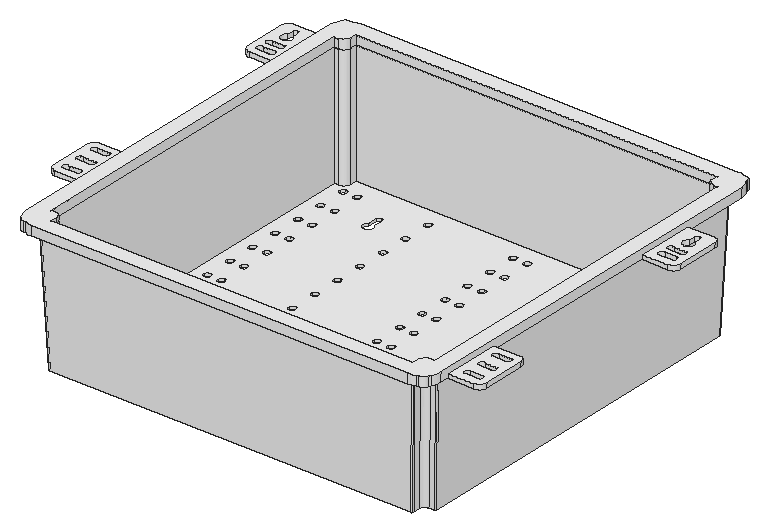
Revit family "Leviton_49605-14E-14-inch_Enclosure", category Generic Models, Revit 2026
Family settings
  Can host rebar = No
  Round Connector Dimension = Use Diameter
  Part Type = Normal
  Work Plane-Based = No
  Always vertical = Yes
  Cut with Voids When Loaded = No
  Maintain Annotation Orientation = No
  Shared = No
  Room Calculation Point = No
Parameters
  Width = 14.64063"
  Manufacturer = "https://www.arcat.com/arcatcos/cos41/arc41690.html"  # constant formula
  Height = 14.53"
  Default Elevation = 0.00"
Reference planes (in)
  plane 1 "Center (Front/Back)": y = 0
  plane 2: z = 0
  plane 3 "Center (Left/Right)": x = 0
  plane 4: x = -7.32031
  plane 5: x = 7.32031
  plane 6: y = 7.265
  plane 7: y = -7.265
  plane 8: z = 0.32
  plane 9: z = -0.32
  plane 10: z = -4.30445
  plane 11: z = 0.15
Forms (in)
  Extrusion 1, solid, material "ARCAT-White Plastic"
    sketch origin (0, 0, 0) x (1, 0, 0) y (0, 1, 0)
      loop
        line (-4.39063, 5.06479) -> (-4.39063, 5.36548)
        arc (-4.39063, 5.36548) -> (-4.49993, 5.475) -> (-4.60938, 5.36563) r 0.10938
        line (-4.60938, 5.36563) -> (-4.60938, 5.06479)
        arc (-4.60938, 5.06479) -> (-4.5, 4.725) -> (-4.39063, 5.06479) r 0.1875
      loop
        line (4.39063, 5.36557) -> (4.39063, 5.06479)
        arc (4.39063, 5.06479) -> (4.5, 4.725) -> (4.60938, 5.06479) r 0.1875
        line (4.60938, 5.06479) -> (4.60938, 5.36557)
        arc (4.60938, 5.36557) -> (4.5, 5.47494) -> (4.39063, 5.36557) r 0.10937
      loop
        line (4.39063, -4.83581) -> (4.39063, -5.13658)
        arc (4.39063, -5.13658) -> (4.5, -5.47637) -> (4.60938, -5.13658) r 0.1875
        line (4.60938, -5.13658) -> (4.60938, -4.83581)
        arc (4.60938, -4.83581) -> (4.5, -4.72643) -> (4.39063, -4.83581) r 0.10937
      loop
        arc (-4.60938, -5.13658) -> (-4.5, -5.47637) -> (-4.39063, -5.13658) r 0.1875
        line (-4.39063, -5.13658) -> (-4.39063, -4.83581)
        arc (-4.39063, -4.83581) -> (-4.5, -4.72643) -> (-4.60938, -4.83581) r 0.10937
        line (-4.60938, -4.83581) -> (-4.60938, -5.13658)
      loop
        circle (-5.75, 6) r 0.12468
      loop
        circle (-6.25, 6) r 0.12468
      loop
        circle (-6.25, 5) r 0.1225
      loop
        circle (-5.75, 5) r 0.1225
      loop
        circle (-5.75, 4) r 0.1225
      loop
        circle (-6.25, 4) r 0.1225
      loop
        circle (-5.75, 3) r 0.12468
      loop
        circle (-6.25, 3) r 0.12468
      loop
        circle (-5.75, 2) r 0.12468
      loop
        circle (-5.75, 1) r 0.12468
      loop
        circle (-5.75, 0) r 0.1225
      loop
        circle (-5.75, -1) r 0.12468
      loop
        circle (-6.25, -1) r 0.12468
      loop
        circle (-6.25, 0) r 0.1225
      loop
        circle (-6.25, 1) r 0.12468
      loop
        circle (-6.25, 2) r 0.12468
      loop
        circle (-5.75, -2) r 0.12468
      loop
        circle (-6.25, -2) r 0.12468
      loop
        circle (-5.75, -3) r 0.12468
      loop
        circle (-6.25, -3) r 0.12468
      loop
        circle (-5.75, -4) r 0.1225
      loop
        circle (-6.25, -4) r 0.1225
      loop
        circle (-5.75, -5) r 0.1225
      loop
        circle (-6.25, -5) r 0.1225
      loop
        circle (-5.75, -6) r 0.12468
      loop
        circle (-6.25, -6) r 0.12468
      loop
        circle (-3.25, -6) r 0.12468
      loop
        circle (-3.25, -5) r 0.12468
      loop
        circle (-3.25, -4) r 0.12468
      loop
        circle (-3.25, -3) r 0.12468
      loop
        circle (-3.25, -2) r 0.12468
      loop
        circle (-3.25, -1) r 0.12468
      loop
        circle (-0.25, -1) r 0.12468
      loop
        circle (0.25, -2) r 0.12468
      loop
        circle (0.25, -1) r 0.12468
      loop
        circle (-0.25, -2) r 0.12468
      loop
        circle (-0.25, -3) r 0.12468
      loop
        circle (-0.25, -4) r 0.12468
      loop
        circle (-0.25, -5) r 0.12468
      loop
        circle (-0.25, -6) r 0.12468
      loop
        circle (0.25, -3) r 0.12468
      loop
        circle (0.25, -4) r 0.12468
      loop
        circle (0.25, -5) r 0.12468
      loop
        circle (0.25, -6) r 0.12468
      loop
        circle (0.25, 6) r 0.12468
      loop
        circle (0.25, 5) r 0.12468
      loop
        circle (0.25, 4) r 0.12468
      loop
        circle (0.25, 3) r 0.12468
      loop
        circle (0.25, 2) r 0.12468
      loop
        circle (0.25, 1) r 0.12468
      loop
        circle (0.25, 0) r 0.12468
      loop
        circle (-0.25, 0) r 0.12468
      loop
        circle (-0.25, 1) r 0.12468
      loop
        circle (-0.25, 2) r 0.12468
      loop
        circle (-0.25, 3) r 0.12468
      loop
        circle (-0.25, 4) r 0.12468
      loop
        circle (-0.25, 5) r 0.12468
      loop
        circle (-3.25, 6) r 0.12468
      loop
        circle (-3.25, 5) r 0.12468
      loop
        circle (-3.25, 4) r 0.12468
      loop
        circle (-3.25, 3) r 0.12468
      loop
        circle (-3.25, 2) r 0.12468
      loop
        circle (-3.25, 1) r 0.12468
      loop
        circle (-3.25, 0) r 0.12468
      loop
        circle (-0.25, 6) r 0.12468
      loop
        circle (3.25, 6) r 0.12468
      loop
        circle (3.25, 5) r 0.12468
      loop
        circle (3.25, 4) r 0.12468
      loop
        circle (3.25, 3) r 0.12468
      loop
        circle (3.25, 2) r 0.12468
      loop
        circle (3.25, 1) r 0.12468
      loop
        circle (3.25, 0) r 0.12468
      loop
        circle (3.25, -1) r 0.12468
      loop
        circle (3.25, -2) r 0.12468
      loop
        circle (3.25, -3) r 0.12468
      loop
        circle (3.25, -4) r 0.12468
      loop
        circle (3.25, -5) r 0.12468
      loop
        circle (3.25, -6) r 0.12468
      loop
        circle (5.75, -6) r 0.12468
      loop
        circle (5.75, -5) r 0.1225
      loop
        circle (5.75, -4) r 0.1225
      loop
        circle (5.75, -3) r 0.12468
      loop
        circle (5.75, -1) r 0.12468
      loop
        circle (5.75, -2) r 0.12468
      loop
        circle (5.75, 0) r 0.1225
      loop
        circle (6.25, 0) r 0.1225
      loop
        circle (5.75, 1) r 0.12468
      loop
        circle (5.75, 2) r 0.12468
      loop
        circle (5.75, 3) r 0.12468
      loop
        circle (5.75, 4) r 0.1225
      loop
        circle (5.75, 5) r 0.1225
      loop
        circle (5.75, 6) r 0.12468
      loop
        circle (6.25, 6) r 0.12468
      loop
        circle (6.25, 5) r 0.1225
      loop
        circle (6.25, 4) r 0.1225
      loop
        circle (6.25, 3) r 0.12468
      loop
        circle (6.25, 2) r 0.12468
      loop
        circle (6.25, 1) r 0.12468
      loop
        circle (6.25, -1) r 0.12468
      loop
        circle (6.25, -2) r 0.12468
      loop
        circle (6.25, -4) r 0.1225
      loop
        circle (6.25, -3) r 0.12468
      loop
        circle (6.25, -5) r 0.1225
      loop
        circle (6.25, -6) r 0.12468
      loop
        line (-6.38999, 6.72678) -> (-6.38999, 6.49966)
        spline (-6.38999, 6.49966) -> (-6.39204, 6.46836) -> (-6.39815, 6.43759) -> (-6.40822, 6.4079) -> (-6.42208, 6.37978) -> (-6.43949, 6.35372) -> (-6.46015, 6.33015) -> (-6.48372, 6.30949) -> (-6.50978, 6.29208) -> (-6.5379, 6.27822) -> (-6.56759, 6.26815) -> (-6.59836, 6.26204) -> (-6.62966, 6.25999)
        line (-6.62966, 6.25999) -> (-6.77678, 6.25999) -> (-6.77678, -6.26) -> (-6.62957, -6.26)
        spline (-6.62957, -6.26) -> (-6.59827, -6.26205) -> (-6.56751, -6.26817) -> (-6.53782, -6.27824) -> (-6.50971, -6.2921) -> (-6.48365, -6.3095) -> (-6.4601, -6.33016) -> (-6.43944, -6.35372) -> (-6.42204, -6.37978) -> (-6.40819, -6.4079) -> (-6.39813, -6.43759) -> (-6.39202, -6.46835) -> (-6.38997, -6.49966)
        line (-6.38997, -6.49966) -> (-6.38997, -6.72678) -> (6.38999, -6.72678) -> (6.38999, -6.49966)
        spline (6.38999, -6.49966) -> (6.39204, -6.46836) -> (6.39815, -6.43759) -> (6.40822, -6.4079) -> (6.42208, -6.37978) -> (6.43949, -6.35372) -> (6.46015, -6.33015) -> (6.48372, -6.30949) -> (6.50978, -6.29208) -> (6.5379, -6.27822) -> (6.56759, -6.26815) -> (6.59836, -6.26204) -> (6.62966, -6.25999)
        line (6.62966, -6.25999) -> (6.77678, -6.25999) -> (6.77678, 6.26) -> (6.62957, 6.26)
        spline (6.62957, 6.26) -> (6.59827, 6.26205) -> (6.56751, 6.26817) -> (6.53782, 6.27824) -> (6.50971, 6.2921) -> (6.48365, 6.3095) -> (6.4601, 6.33016) -> (6.43944, 6.35372) -> (6.42204, 6.37978) -> (6.40819, 6.4079) -> (6.39813, 6.43759) -> (6.39202, 6.46835) -> (6.38997, 6.49966)
        line (6.38997, 6.49966) -> (6.38997, 6.72678) -> (-6.38999, 6.72678)
    from -4.37445 to -4.30445
  Blend 2, solid, material "ARCAT-White Plastic"
    base sketch origin (0, 0, 0) x (1, 0, 0) y (0, 1, 0)
      loop
        line (6.56488, 6.97483) -> (-6.56488, 6.97483)
        spline (-6.56488, 6.97483) -> (-6.5701, 6.97449) -> (-6.57523, 6.97347) -> (-6.58018, 6.97179) -> (-6.58486, 6.96948) -> (-6.58921, 6.96658) -> (-6.59314, 6.96314) -> (-6.59658, 6.95921) -> (-6.59948, 6.95486) -> (-6.60179, 6.95018) -> (-6.60347, 6.94523) -> (-6.60449, 6.9401) -> (-6.60483, 6.93488)
        line (-6.60483, 6.93488) -> (-6.60483, 6.67483)
        arc (-6.60483, 6.67483) -> (-6.66341, 6.53341) -> (-6.80483, 6.47483) r 0.2
        line (-6.80483, 6.47483) -> (-6.98483, 6.47483)
        arc (-6.98483, 6.47483) -> (-7.01311, 6.46311) -> (-7.02483, 6.43483) r 0.04
        line (-7.02483, 6.43483) -> (-7.02483, -6.43483)
        arc (-7.02483, -6.43483) -> (-7.01311, -6.46311) -> (-6.98483, -6.47483) r 0.04
        line (-6.98483, -6.47483) -> (-6.80483, -6.47483)
        arc (-6.80483, -6.47483) -> (-6.66341, -6.53341) -> (-6.60483, -6.67483) r 0.2
        line (-6.60483, -6.67483) -> (-6.60483, -6.93488)
        spline (-6.60483, -6.93488) -> (-6.60449, -6.9401) -> (-6.60347, -6.94523) -> (-6.60179, -6.95018) -> (-6.59948, -6.95486) -> (-6.59658, -6.95921) -> (-6.59314, -6.96314) -> (-6.58921, -6.96658) -> (-6.58486, -6.96948) -> (-6.58018, -6.97179) -> (-6.57523, -6.97347) -> (-6.5701, -6.97449) -> (-6.56488, -6.97483)
        line (-6.56488, -6.97483) -> (6.56488, -6.97483)
        spline (6.56488, -6.97483) -> (6.5701, -6.97449) -> (6.57523, -6.97347) -> (6.58018, -6.97179) -> (6.58486, -6.96948) -> (6.58921, -6.96658) -> (6.59314, -6.96314) -> (6.59658, -6.95921) -> (6.59948, -6.95486) -> (6.60179, -6.95018) -> (6.60347, -6.94523) -> (6.60449, -6.9401) -> (6.60483, -6.93488)
        line (6.60483, -6.93488) -> (6.60483, -6.67483)
        arc (6.60483, -6.67483) -> (6.66341, -6.53341) -> (6.80483, -6.47483) r 0.2
        line (6.80483, -6.47483) -> (6.98483, -6.47483)
        arc (6.98483, -6.47483) -> (7.01311, -6.46311) -> (7.02483, -6.43483) r 0.04
        line (7.02483, -6.43483) -> (7.02483, 6.43483)
        arc (7.02483, 6.43483) -> (7.01311, 6.46311) -> (6.98483, 6.47483) r 0.04
        line (6.98483, 6.47483) -> (6.80483, 6.47483)
        arc (6.80483, 6.47483) -> (6.66341, 6.53341) -> (6.60483, 6.67483) r 0.2
        line (6.60483, 6.67483) -> (6.60483, 6.93488)
        spline (6.60483, 6.93488) -> (6.60449, 6.9401) -> (6.60347, 6.94523) -> (6.60179, 6.95018) -> (6.59948, 6.95486) -> (6.59658, 6.95921) -> (6.59314, 6.96314) -> (6.58921, 6.96658) -> (6.58486, 6.96948) -> (6.58018, 6.97179) -> (6.57523, 6.97347) -> (6.5701, 6.97449) -> (6.56488, 6.97483)
    top sketch origin (0, 0, 0) x (1, 0, 0) y (0, 1, 0)
      loop
        spline (-6.42994, 6.49989) -> (-6.43161, 6.47377) -> (-6.43667, 6.4481) -> (-6.44503, 6.42332) -> (-6.45656, 6.39985) -> (-6.47106, 6.3781) -> (-6.48828, 6.35844) -> (-6.50792, 6.3412) -> (-6.52965, 6.32668) -> (-6.55311, 6.31512) -> (-6.57788, 6.30672) -> (-6.60354, 6.30164) -> (-6.62966, 6.29994)
        line (-6.62966, 6.29994) -> (-6.77678, 6.29994)
        spline (-6.77678, 6.29994) -> (-6.7812, 6.29995) -> (-6.78556, 6.3) -> (-6.78977, 6.30007) -> (-6.79378, 6.30017) -> (-6.79751, 6.3003) -> (-6.80091, 6.30044) -> (-6.80392, 6.30061) -> (-6.8065, 6.3008) -> (-6.8086, 6.30101) -> (-6.81018, 6.30123) -> (-6.81124, 6.30145) -> (-6.81174, 6.30168)
        arc (-6.81174, 6.30168) -> (-6.83995, 6.28994) -> (-6.85169, 6.26173) r 0.04008
        line (-6.85169, 6.26173) -> (-6.85169, -6.26156)
        arc (-6.85169, -6.26156) -> (-6.83999, -6.28986) -> (-6.81172, -6.30165) r 0.0401
        spline (-6.81172, -6.30165) -> (-6.81121, -6.30142) -> (-6.81015, -6.3012) -> (-6.80856, -6.30099) -> (-6.80645, -6.30078) -> (-6.80387, -6.3006) -> (-6.80086, -6.30043) -> (-6.79747, -6.30028) -> (-6.79374, -6.30015) -> (-6.78974, -6.30006) -> (-6.78554, -6.29998) -> (-6.78119, -6.29994) -> (-6.77678, -6.29993)
        line (-6.77678, -6.29993) -> (-6.62966, -6.29994)
        spline (-6.62966, -6.29994) -> (-6.60354, -6.30163) -> (-6.57787, -6.30672) -> (-6.5531, -6.31512) -> (-6.52965, -6.32668) -> (-6.50792, -6.3412) -> (-6.48828, -6.35844) -> (-6.47106, -6.3781) -> (-6.45656, -6.39985) -> (-6.44503, -6.42332) -> (-6.43666, -6.4481) -> (-6.4316, -6.47377) -> (-6.42994, -6.49989)
        line (-6.42994, -6.49989) -> (-6.42994, -6.7262)
        spline (-6.42994, -6.7262) -> (-6.42995, -6.73067) -> (-6.42999, -6.73507) -> (-6.43006, -6.73934) -> (-6.43016, -6.7434) -> (-6.43028, -6.7472) -> (-6.43043, -6.75065) -> (-6.4306, -6.75372) -> (-6.43079, -6.75635) -> (-6.43099, -6.7585) -> (-6.43121, -6.76012) -> (-6.43144, -6.7612) -> (-6.43167, -6.76172)
        arc (-6.43167, -6.76172) -> (-6.41994, -6.78992) -> (-6.39173, -6.80165) r 0.04006
        line (-6.39173, -6.80165) -> (6.39173, -6.80165)
        arc (6.39173, -6.80165) -> (6.41998, -6.78987) -> (6.43169, -6.76159) r 0.0401
        spline (6.43169, -6.76159) -> (6.43146, -6.76108) -> (6.43123, -6.76002) -> (6.43102, -6.75842) -> (6.43081, -6.75631) -> (6.43062, -6.75373) -> (6.43045, -6.75071) -> (6.4303, -6.7473) -> (6.43018, -6.74356) -> (6.43008, -6.73955) -> (6.43, -6.73533) -> (6.42996, -6.73097) -> (6.42995, -6.72654)
        line (6.42995, -6.72654) -> (6.42995, -6.5012)
        spline (6.42995, -6.5012) -> (6.43146, -6.47495) -> (6.43639, -6.44914) -> (6.44466, -6.42422) -> (6.45613, -6.4006) -> (6.4706, -6.3787) -> (6.48782, -6.3589) -> (6.50749, -6.34153) -> (6.52928, -6.32689) -> (6.55281, -6.31524) -> (6.57767, -6.30678) -> (6.60343, -6.30165) -> (6.62966, -6.29994)
        line (6.62966, -6.29994) -> (6.77678, -6.29994)
        spline (6.77678, -6.29994) -> (6.7812, -6.29995) -> (6.78554, -6.3) -> (6.78975, -6.30007) -> (6.79375, -6.30017) -> (6.79748, -6.30029) -> (6.80087, -6.30044) -> (6.80388, -6.30061) -> (6.80646, -6.3008) -> (6.80856, -6.30101) -> (6.81016, -6.30122) -> (6.81122, -6.30145) -> (6.81173, -6.30168)
        arc (6.81173, -6.30168) -> (6.83994, -6.28994) -> (6.85168, -6.26173) r 0.04007
        line (6.85168, -6.26173) -> (6.85168, 6.26173)
        arc (6.85168, 6.26173) -> (6.83994, 6.28994) -> (6.81173, 6.30168) r 0.04007
        spline (6.81173, 6.30168) -> (6.81122, 6.30145) -> (6.81016, 6.30122) -> (6.80856, 6.30101) -> (6.80646, 6.3008) -> (6.80388, 6.30061) -> (6.80087, 6.30044) -> (6.79748, 6.30029) -> (6.79375, 6.30017) -> (6.78975, 6.30007) -> (6.78554, 6.3) -> (6.7812, 6.29995) -> (6.77678, 6.29994)
        line (6.77678, 6.29994) -> (6.62956, 6.29994)
        spline (6.62956, 6.29994) -> (6.60345, 6.30165) -> (6.5778, 6.30675) -> (6.55305, 6.31514) -> (6.52961, 6.3267) -> (6.50789, 6.34122) -> (6.48826, 6.35845) -> (6.47106, 6.37811) -> (6.45657, 6.39984) -> (6.44504, 6.42329) -> (6.43668, 6.44806) -> (6.43161, 6.47372) -> (6.42994, 6.49983)
        line (6.42994, 6.49983) -> (6.42994, 6.72678)
        spline (6.42994, 6.72678) -> (6.42995, 6.7312) -> (6.43, 6.73554) -> (6.43007, 6.73975) -> (6.43017, 6.74375) -> (6.43029, 6.74748) -> (6.43044, 6.75087) -> (6.43061, 6.75389) -> (6.4308, 6.75646) -> (6.43101, 6.75857) -> (6.43122, 6.76016) -> (6.43145, 6.76122) -> (6.43168, 6.76173)
        arc (6.43168, 6.76173) -> (6.41994, 6.78994) -> (6.39173, 6.80168) r 0.04007
        line (6.39173, 6.80168) -> (-6.39173, 6.80168)
        arc (-6.39173, 6.80168) -> (-6.41994, 6.78994) -> (-6.43168, 6.76173) r 0.04007
        spline (-6.43168, 6.76173) -> (-6.43144, 6.76121) -> (-6.43122, 6.76013) -> (-6.431, 6.75851) -> (-6.43079, 6.75636) -> (-6.4306, 6.75373) -> (-6.43043, 6.75066) -> (-6.43028, 6.7472) -> (-6.43016, 6.74341) -> (-6.43006, 6.73934) -> (-6.42999, 6.73507) -> (-6.42995, 6.73067) -> (-6.42994, 6.7262)
        line (-6.42994, 6.7262) -> (-6.42994, 6.49989)
    from 0 to -4.37445
  Extrusion 3, void
    sketch origin (0, 0, 0) x (1, 0, 0) y (0, 1, 0)
      loop
        line (-6.38999, 6.72678) -> (-6.38999, 6.49966)
        spline (-6.38999, 6.49966) -> (-6.39204, 6.46836) -> (-6.39815, 6.43759) -> (-6.40822, 6.4079) -> (-6.42208, 6.37978) -> (-6.43949, 6.35372) -> (-6.46015, 6.33015) -> (-6.48372, 6.30949) -> (-6.50978, 6.29208) -> (-6.5379, 6.27822) -> (-6.56759, 6.26815) -> (-6.59836, 6.26204) -> (-6.62966, 6.25999)
        line (-6.62966, 6.25999) -> (-6.77678, 6.25999) -> (-6.77678, -6.25999) -> (-6.62953, -6.25999)
        spline (-6.62953, -6.25999) -> (-6.59823, -6.26206) -> (-6.56748, -6.26818) -> (-6.5378, -6.27826) -> (-6.5097, -6.29213) -> (-6.48365, -6.30954) -> (-6.4601, -6.3302) -> (-6.43946, -6.35376) -> (-6.42206, -6.37982) -> (-6.40821, -6.40793) -> (-6.39815, -6.43761) -> (-6.39204, -6.46837) -> (-6.38999, -6.49966)
        line (-6.38999, -6.49966) -> (-6.38999, -6.72678) -> (6.38999, -6.72678) -> (6.38999, -6.49966)
        spline (6.38999, -6.49966) -> (6.39204, -6.46836) -> (6.39815, -6.43759) -> (6.40822, -6.4079) -> (6.42208, -6.37978) -> (6.43949, -6.35372) -> (6.46015, -6.33015) -> (6.48372, -6.30949) -> (6.50978, -6.29208) -> (6.5379, -6.27822) -> (6.56759, -6.26815) -> (6.59836, -6.26204) -> (6.62966, -6.25999)
        line (6.62966, -6.25999) -> (6.77678, -6.25999) -> (6.77678, 6.25999) -> (6.62953, 6.25999)
        spline (6.62953, 6.25999) -> (6.59823, 6.26206) -> (6.56748, 6.26818) -> (6.5378, 6.27826) -> (6.5097, 6.29213) -> (6.48365, 6.30954) -> (6.4601, 6.3302) -> (6.43946, 6.35376) -> (6.42206, 6.37982) -> (6.40821, 6.40793) -> (6.39815, 6.43761) -> (6.39204, 6.46837) -> (6.38999, 6.49966)
        line (6.38999, 6.49966) -> (6.38999, 6.72678) -> (-6.38999, 6.72678)
    from 3.62799 to -5.22109
  Extrusion 4, solid, material "ARCAT-White Plastic"
    sketch origin (0, 0, 0) x (1, 0, 0) y (0, 1, 0)
      loop
        arc (-8.25, 6.35) -> (-8.42678, 6.27678) -> (-8.5, 6.1) r 0.25
        line (-8.5, 6.1) -> (-8.5, 4.6)
        arc (-8.5, 4.6) -> (-8.42668, 4.42322) -> (-8.24991, 4.35) r 0.25
        line (-8.24991, 4.35) -> (-7.32031, 4.35) -> (-7.32031, 6.35) -> (-8.25, 6.35)
      loop
        arc (-7.85, 5.99996) -> (-7.95002, 6.09991) -> (-8.05, 5.99991) r 0.1
        line (-8.05, 5.99991) -> (-8.05, 5.81321)
        arc (-8.05, 5.81321) -> (-7.95, 5.44) -> (-7.85, 5.8132) r 0.2
        line (-7.85, 5.8132) -> (-7.85, 5.99996)
      loop
        arc (-8.16875, 5.2475) -> (-8.27875, 5.1375) -> (-8.16875, 5.0275) r 0.11
        line (-8.16875, 5.0275) -> (-7.73125, 5.0275)
        arc (-7.73125, 5.0275) -> (-7.62125, 5.1375) -> (-7.73125, 5.2475) r 0.11
        line (-7.73125, 5.2475) -> (-8.16875, 5.2475)
      loop
        line (-7.73125, 4.835) -> (-8.16875, 4.835)
        arc (-8.16875, 4.835) -> (-8.27875, 4.725) -> (-8.16875, 4.615) r 0.11
        line (-8.16875, 4.615) -> (-7.73125, 4.615)
        arc (-7.73125, 4.615) -> (-7.62125, 4.725) -> (-7.73125, 4.835) r 0.11
      loop
        line (-8.16875, -3.335) -> (-7.73123, -3.335)
        arc (-7.73123, -3.335) -> (-7.62121, -3.22501) -> (-7.73121, -3.115) r 0.11
        line (-7.73121, -3.115) -> (-8.16885, -3.115)
        arc (-8.16885, -3.115) -> (-8.27875, -3.22505) -> (-8.16875, -3.335) r 0.11
      loop
        line (-8.16872, -2.71) -> (-7.73117, -2.71)
        arc (-7.73117, -2.71) -> (-7.62125, -2.59996) -> (-7.73125, -2.49) r 0.11
        line (-7.73125, -2.49) -> (-8.16874, -2.49)
        arc (-8.16874, -2.49) -> (-8.27872, -2.60001) -> (-8.16872, -2.71) r 0.11
      loop
        line (-7.73125, -3.74) -> (-8.16875, -3.74)
        arc (-8.16875, -3.74) -> (-8.27875, -3.85) -> (-8.16875, -3.96) r 0.11
        line (-8.16875, -3.96) -> (-7.73125, -3.96)
        arc (-7.73125, -3.96) -> (-7.62125, -3.85) -> (-7.73125, -3.74) r 0.11
      loop
        line (-7.32031, -4.22499) -> (-7.32031, -2.22499) -> (-8.24996, -2.22499)
        arc (-8.24996, -2.22499) -> (-8.42675, -2.29821) -> (-8.49998, -2.475) r 0.25002
        line (-8.49998, -2.475) -> (-8.49998, -3.975)
        arc (-8.49998, -3.975) -> (-8.42667, -4.15187) -> (-8.24973, -4.22499) r 0.24999
        line (-8.24973, -4.22499) -> (-7.32031, -4.22499)
      loop
        line (7.32031, -6.35001) -> (8.25001, -6.35001)
        arc (8.25001, -6.35001) -> (8.4268, -6.27679) -> (8.50003, -6.1) r 0.25001
        line (8.50003, -6.1) -> (8.50003, -4.59999)
        arc (8.50003, -4.59999) -> (8.42682, -4.42324) -> (8.25007, -4.35002) r 0.24997
        line (8.25007, -4.35002) -> (7.32031, -4.35002) -> (7.32031, -6.35001)
      loop
        line (7.32031, 2.22501) -> (8.25004, 2.22501)
        arc (8.25004, 2.22501) -> (8.42681, 2.29823) -> (8.50002, 2.475) r 0.24998
        line (8.50002, 2.475) -> (8.50002, 3.975)
        arc (8.50002, 3.975) -> (8.4267, 4.15188) -> (8.24974, 4.22501) r 0.25001
        line (8.24974, 4.22501) -> (7.32031, 4.22501) -> (7.32031, 2.22501)
      loop
        line (7.73125, -4.835) -> (8.16875, -4.835)
        arc (8.16875, -4.835) -> (8.27875, -4.725) -> (8.16875, -4.615) r 0.11
        line (8.16875, -4.615) -> (7.73125, -4.615)
        arc (7.73125, -4.615) -> (7.62125, -4.725) -> (7.73125, -4.835) r 0.11
      loop
        line (8.16875, -5.24) -> (7.73125, -5.24)
        arc (7.73125, -5.24) -> (7.62125, -5.35) -> (7.73125, -5.46) r 0.11
        line (7.73125, -5.46) -> (8.16875, -5.46)
        arc (8.16875, -5.46) -> (8.27875, -5.35) -> (8.16875, -5.24) r 0.11
      loop
        line (8.16884, -5.865) -> (7.73102, -5.865)
        arc (7.73102, -5.865) -> (7.62125, -5.97512) -> (7.73125, -6.085) r 0.11
        line (7.73125, -6.085) -> (8.1688, -6.085)
        arc (8.1688, -6.085) -> (8.27884, -5.97502) -> (8.16884, -5.865) r 0.11
      loop
        arc (7.73131, 3.1225) -> (7.62131, 3.01259) -> (7.73113, 2.9025) r 0.11
        line (7.73113, 2.9025) -> (8.16881, 2.9025)
        arc (8.16881, 2.9025) -> (8.27881, 3.01244) -> (8.16893, 3.1225) r 0.11
        line (8.16893, 3.1225) -> (7.73131, 3.1225)
      loop
        arc (7.85, 3.6882) -> (7.95, 3.315) -> (8.05, 3.68821) r 0.2
        line (8.05, 3.68821) -> (8.05, 3.87522)
        arc (8.05, 3.87522) -> (7.94989, 3.975) -> (7.85, 3.875) r 0.1
        line (7.85, 3.875) -> (7.85, 3.6882)
      loop
        line (8.16878, 2.71) -> (7.73117, 2.71)
        arc (7.73117, 2.71) -> (7.62125, 2.59996) -> (7.73125, 2.49) r 0.11
        line (7.73125, 2.49) -> (8.16877, 2.49)
        arc (8.16877, 2.49) -> (8.27878, 2.59999) -> (8.16878, 2.71) r 0.11
    from 0 to 0.15
  Extrusion 5, solid, material "ARCAT-White Plastic"
    sketch origin (0, 0, 0) x (1, 0, 0) y (0, 1, 0)
      loop
        line (6.64092, 7.27112) -> (-6.64092, 7.27112)
        arc (-6.64092, 7.27112) -> (-6.77723, 7.25902) -> (-6.90825, 7.21951) r 0.67118
        arc (-6.90825, 7.21951) -> (-6.941, 7.21103) -> (-6.97482, 7.21202) r 0.12
        arc (-6.97482, 7.21202) -> (-7.12309, 7.1731) -> (-7.19099, 7.03567) r 0.18483
        arc (-7.19099, 7.03567) -> (-7.19652, 7.00321) -> (-7.21068, 6.97347) r 0.12
        arc (-7.21068, 6.97347) -> (-7.2879, 6.81323) -> (-7.32031, 6.63833) r 0.6712
        line (-7.32031, 6.63833) -> (-7.32031, -6.63833)
        arc (-7.32031, -6.63833) -> (-7.2879, -6.81323) -> (-7.21068, -6.97347) r 0.6712
        arc (-7.21068, -6.97347) -> (-7.19652, -7.00321) -> (-7.19099, -7.03567) r 0.12
        arc (-7.19099, -7.03567) -> (-7.12309, -7.1731) -> (-6.97482, -7.21202) r 0.18483
        arc (-6.97482, -7.21202) -> (-6.941, -7.21103) -> (-6.90825, -7.21951) r 0.12
        arc (-6.90825, -7.21951) -> (-6.77723, -7.25902) -> (-6.64092, -7.27112) r 0.67118
        line (-6.64092, -7.27112) -> (6.64092, -7.27112)
        arc (6.64092, -7.27112) -> (6.77723, -7.25902) -> (6.90825, -7.21951) r 0.67118
        arc (6.90825, -7.21951) -> (6.941, -7.21103) -> (6.97482, -7.21202) r 0.12
        arc (6.97482, -7.21202) -> (7.12309, -7.1731) -> (7.19099, -7.03567) r 0.18483
        arc (7.19099, -7.03567) -> (7.19652, -7.00321) -> (7.21068, -6.97347) r 0.12
        arc (7.21068, -6.97347) -> (7.2879, -6.81323) -> (7.32031, -6.63833) r 0.6712
        line (7.32031, -6.63833) -> (7.32031, 6.63833)
        arc (7.32031, 6.63833) -> (7.2879, 6.81323) -> (7.21068, 6.97347) r 0.6712
        arc (7.21068, 6.97347) -> (7.19652, 7.00321) -> (7.19099, 7.03567) r 0.12
        arc (7.19099, 7.03567) -> (7.12309, 7.1731) -> (6.97482, 7.21202) r 0.18483
        arc (6.97482, 7.21202) -> (6.941, 7.21103) -> (6.90825, 7.21951) r 0.12
        arc (6.90825, 7.21951) -> (6.77723, 7.25902) -> (6.64092, 7.27112) r 0.67118
      loop
        line (6.38997, 6.72678) -> (-6.38999, 6.72678) -> (-6.38999, 6.49966)
        spline (-6.38999, 6.49966) -> (-6.39204, 6.46836) -> (-6.39815, 6.43759) -> (-6.40822, 6.4079) -> (-6.42208, 6.37978) -> (-6.43949, 6.35372) -> (-6.46015, 6.33015) -> (-6.48372, 6.30949) -> (-6.50978, 6.29208) -> (-6.5379, 6.27822) -> (-6.56759, 6.26815) -> (-6.59836, 6.26204) -> (-6.62966, 6.25999)
        line (-6.62966, 6.25999) -> (-6.77678, 6.25999) -> (-6.77678, -6.26) -> (-6.62957, -6.26)
        spline (-6.62957, -6.26) -> (-6.59827, -6.26205) -> (-6.56752, -6.26817) -> (-6.53783, -6.27824) -> (-6.50972, -6.29209) -> (-6.48366, -6.3095) -> (-6.46011, -6.33015) -> (-6.43945, -6.35371) -> (-6.42205, -6.37977) -> (-6.4082, -6.40788) -> (-6.39813, -6.43757) -> (-6.39202, -6.46833) -> (-6.38997, -6.49963)
        line (-6.38997, -6.49963) -> (-6.38997, -6.72678) -> (6.38999, -6.72678) -> (6.38999, -6.49966)
        spline (6.38999, -6.49966) -> (6.39204, -6.46836) -> (6.39815, -6.43759) -> (6.40822, -6.4079) -> (6.42208, -6.37978) -> (6.43949, -6.35372) -> (6.46015, -6.33015) -> (6.48372, -6.30949) -> (6.50978, -6.29208) -> (6.5379, -6.27822) -> (6.56759, -6.26815) -> (6.59836, -6.26204) -> (6.62966, -6.25999)
        line (6.62966, -6.25999) -> (6.77678, -6.25999) -> (6.77678, 6.26) -> (6.62957, 6.26)
        spline (6.62957, 6.26) -> (6.59827, 6.26205) -> (6.56752, 6.26817) -> (6.53783, 6.27824) -> (6.50972, 6.29209) -> (6.48366, 6.3095) -> (6.46011, 6.33015) -> (6.43945, 6.35371) -> (6.42205, 6.37977) -> (6.4082, 6.40788) -> (6.39813, 6.43757) -> (6.39202, 6.46833) -> (6.38997, 6.49963)
        line (6.38997, 6.49963) -> (6.38997, 6.72678)
    from 0 to 0.32
Cuts and joins
  Extrusion 3 cuts Blend 2
Dimensions and locks (in)
  equal spacing: plane 4, plane 3 "Center (Left/Right)", plane 5
  "Width": plane 4 to plane 5
  equal spacing: plane 7, plane 1 "Center (Front/Back)", plane 6
  "Height": plane 7 to plane 6
  aligned and locked: plane 2 to level
Automatic sketch dimensions
  plane 1 "Center (Front/Back)" to Extrusion 1 sketch curve = 0.00"  (x8)
  plane 4 to Extrusion 1 sketch curve = 1.07031"  (x2)
  Extrusion 1 sketch curve to Extrusion 1 sketch curve = 0.00"  (x78)
  Extrusion 1 sketch curve to Extrusion 1 sketch curve = 0.50"  (x26)
  Extrusion 1 sketch curve to Extrusion 1 sketch curve = 1.14062"  (x4)
  Extrusion 1 sketch curve to Extrusion 1 sketch curve = 0.10937"  (x6)
  Extrusion 1 sketch curve to Extrusion 1 sketch curve = 0.10938"  (x3)
  Extrusion 1 sketch curve to Extrusion 1 sketch curve = 2.50"
  Extrusion 1 sketch curve to Extrusion 1 sketch curve = 1.14063"  (x4)
  Extrusion 1 sketch curve to plane 3 "Center (Left/Right)" = 0.25"  (x13)
  plane 3 "Center (Left/Right)" to Extrusion 1 sketch curve = 0.25"  (x13)
  Extrusion 1 sketch curve to plane 7 = 1.265"  (x5)
  Extrusion 1 sketch curve to Extrusion 1 sketch curve = 3.00"  (x2)
  Extrusion 1 sketch curve to plane 1 "Center (Front/Back)" = 1.00"  (x3)
  plane 6 to Extrusion 1 sketch curve = 1.265"
  Extrusion 1 sketch curve to plane 5 = 1.57031"
  Extrusion 1 sketch curve to Extrusion 1 sketch curve = 0.71113"  (x2)
  Extrusion 1 sketch curve to Extrusion 1 sketch curve = 0.15229"  (x4)
  Extrusion 1 sketch curve to Extrusion 1 sketch curve = 1.00"  (x51)
  Extrusion 1 sketch curve to Extrusion 1 sketch curve = 0.30077"  (x3)
  Extrusion 1 sketch curve to Extrusion 1 sketch curve = 0.9125"  (x2)
  Extrusion 1 sketch curve to Extrusion 1 sketch curve = 0.30069"
  plane 4 to Blend 2 sketch curve = 0.29548"
  Blend 2 sketch curve to Blend 2 sketch curve = 0.04"  (x3)
  Blend 2 sketch curve to Blend 2 sketch curve = 0.18"  (x4)
  Blend 2 sketch curve to Blend 2 sketch curve = 0.20"  (x4)
  Blend 2 sketch curve to Blend 2 sketch curve = 0.03995"  (x8)
  Blend 2 sketch curve to plane 7 = 0.29017"
  Blend 2 sketch curve to plane 5 = 0.75543"  (x2)
  plane 6 to Blend 2 sketch curve = 0.29017"
  Blend 2 sketch curve to Blend 2 sketch curve = 0.26005"  (x2)
  Blend 2 sketch curve to Blend 2 sketch curve = 0.54"  (x2)
  Blend 2 sketch curve to Blend 2 sketch curve = 0.04005"  (x3)
  Blend 2 sketch curve to Blend 2 sketch curve = 0.00011"
  Blend 2 sketch curve to Blend 2 sketch curve = 0.02836"  (x2)
  Blend 2 sketch curve to Blend 2 sketch curve = 0.02847"  (x2)
  plane 4 to Blend 2 sketch curve = 0.46863"
  Blend 2 sketch curve to Blend 2 sketch curve = 0.04008"
  Blend 2 sketch curve to Blend 2 sketch curve = 0.0401"  (x2)
  Blend 2 sketch curve to Blend 2 sketch curve = 0.03483"
  Blend 2 sketch curve to Blend 2 sketch curve = 0.03481"
  Blend 2 sketch curve to Blend 2 sketch curve = 0.34684"  (x2)
  Blend 2 sketch curve to Blend 2 sketch curve = 0.0382"
  Blend 2 sketch curve to Blend 2 sketch curve = 0.03821"  (x2)
  Blend 2 sketch curve to Blend 2 sketch curve = 0.00013"  (x6)
  Blend 2 sketch curve to plane 5 = 0.92872"
  Blend 2 sketch curve to plane 5 = 0.92871"
  Blend 2 sketch curve to Blend 2 sketch curve = 0.00014"
  Blend 2 sketch curve to Blend 2 sketch curve = 0.03834"  (x3)
  Blend 2 sketch curve to Blend 2 sketch curve = 0.03836"
  Blend 2 sketch curve to Blend 2 sketch curve = 0.19962"
  Blend 2 sketch curve to Blend 2 sketch curve = 0.34683"
  Blend 2 sketch curve to Blend 2 sketch curve = 0.18205"
  Blend 2 sketch curve to Blend 2 sketch curve = 0.03482"  (x3)
  Blend 2 sketch curve to Blend 2 sketch curve = 0.04007"  (x2)
  Blend 2 sketch curve to plane 7 = 0.46335"
  Blend 2 sketch curve to Blend 2 sketch curve = 0.04006"
  Blend 2 sketch curve to Blend 2 sketch curve = 0.03502"
  Blend 2 sketch curve to Blend 2 sketch curve = 0.03539"
  Blend 2 sketch curve to Blend 2 sketch curve = 0.22534"
  Blend 2 sketch curve to Blend 2 sketch curve = 0.2263"
  Blend 2 sketch curve to Blend 2 sketch curve = 0.20126"
  Blend 2 sketch curve to Blend 2 sketch curve = 0.19997"
  Blend 2 sketch curve to Blend 2 sketch curve = 0.03837"
  plane 6 to Blend 2 sketch curve = 1.0034"  (x2)
  Blend 2 sketch curve to Blend 2 sketch curve = 0.19989"
  Blend 2 sketch curve to Blend 2 sketch curve = 0.19995"
  Blend 2 sketch curve to Blend 2 sketch curve = 0.22631"
  Blend 2 sketch curve to Blend 2 sketch curve = 0.22695"
  Blend 2 sketch curve to Blend 2 sketch curve = 0.0354"
  Blend 2 sketch curve to Blend 2 sketch curve = 0.03496"
  Blend 2 sketch curve to Blend 2 sketch curve = 0.03495"  (x3)
  Blend 2 sketch curve to Blend 2 sketch curve = 0.00"  (x8)
  Blend 2 sketch curve to Blend 2 sketch curve = 0.035"  (x2)
  Blend 2 sketch curve to Blend 2 sketch curve = 0.20038"  (x4)
  Blend 2 sketch curve to Blend 2 sketch curve = 0.11212"  (x2)
  Blend 2 sketch curve to Blend 2 sketch curve = 0.14131"  (x2)
  Blend 2 sketch curve to Blend 2 sketch curve = 0.00183"  (x3)
  Blend 2 sketch curve to Blend 2 sketch curve = 0.0001"  (x2)
  Blend 2 sketch curve to Blend 2 sketch curve = 0.00174"  (x2)
  Blend 2 sketch curve to Blend 2 sketch curve = 0.00184"
  Blend 2 sketch curve to Blend 2 sketch curve = 0.14712"
  Blend 2 sketch curve to Blend 2 sketch curve = 0.14196"  (x2)
  Blend 2 sketch curve to Blend 2 sketch curve = 0.00005"  (x2)
  Blend 2 sketch curve to Blend 2 sketch curve = 0.00058"  (x2)
  Blend 2 sketch curve to Blend 2 sketch curve = 0.34051"
  Blend 2 sketch curve to Blend 2 sketch curve = 0.00043"
  plane 4 to Extrusion 3 sketch curve = 0.54353"
  Extrusion 3 sketch curve to Extrusion 3 sketch curve = 0.14712"
  Extrusion 3 sketch curve to Extrusion 3 sketch curve = 0.14725"  (x2)
  Extrusion 3 sketch curve to Extrusion 3 sketch curve = 0.23967"  (x6)
  Extrusion 3 sketch curve to Extrusion 3 sketch curve = 0.23954"  (x2)
  Extrusion 3 sketch curve to plane 5 = 0.93032"  (x2)
  Extrusion 3 sketch curve to plane 7 = 0.53822"
  Extrusion 3 sketch curve to Extrusion 3 sketch curve = 0.22711"  (x3)
  plane 6 to Extrusion 3 sketch curve = 1.00501"  (x2)
  Extrusion 3 sketch curve to Extrusion 3 sketch curve = 0.02371"  (x2)
  Extrusion 3 sketch curve to Extrusion 3 sketch curve = 0.24033"  (x2)
  Extrusion 3 sketch curve to Extrusion 3 sketch curve = 0.00066"  (x2)
  Extrusion 3 sketch curve to Extrusion 3 sketch curve = 0.17017"  (x2)
  Extrusion 4 sketch curve to plane 4 = 0.00"  (x2)
  Extrusion 4 sketch curve to plane 5 = 0.00"  (x2)
  Extrusion 4 sketch curve to plane 4 = 0.41086"
  Extrusion 4 sketch curve to plane 4 = 0.4109"
  Extrusion 4 sketch curve to Extrusion 4 sketch curve = 0.00002"  (x2)
  Extrusion 4 sketch curve to plane 4 = 0.41094"  (x3)
  Extrusion 4 sketch curve to Extrusion 4 sketch curve = 0.00"  (x16)
  Extrusion 4 sketch curve to Extrusion 4 sketch curve = 0.00008"  (x2)
  Extrusion 4 sketch curve to plane 4 = 0.52969"
  Extrusion 4 sketch curve to Extrusion 4 sketch curve = 0.10"  (x5)
  Extrusion 4 sketch curve to Extrusion 4 sketch curve = 0.43755"  (x2)
  Extrusion 4 sketch curve to Extrusion 4 sketch curve = 0.4375"  (x5)
  Extrusion 4 sketch curve to Extrusion 4 sketch curve = 0.43752"  (x2)
  Extrusion 4 sketch curve to Extrusion 4 sketch curve = 0.0001"
  Extrusion 4 sketch curve to Extrusion 4 sketch curve = 0.08098"
  Extrusion 4 sketch curve to Extrusion 4 sketch curve = 0.08116"
  Extrusion 4 sketch curve to Extrusion 4 sketch curve = 0.08122"  (x2)
  Extrusion 4 sketch curve to Extrusion 4 sketch curve = 0.08124"
  Extrusion 4 sketch curve to Extrusion 4 sketch curve = 0.20"  (x2)
  Extrusion 4 sketch curve to Extrusion 4 sketch curve = 0.24999"
  plane 5 to Extrusion 4 sketch curve = 0.4107"
  plane 5 to Extrusion 4 sketch curve = 0.41082"
  Extrusion 4 sketch curve to Extrusion 4 sketch curve = 0.00004"
  plane 5 to Extrusion 4 sketch curve = 0.41094"  (x2)
  Extrusion 4 sketch curve to Extrusion 4 sketch curve = 0.00023"
  Extrusion 4 sketch curve to Extrusion 4 sketch curve = 0.00018"
  plane 5 to Extrusion 4 sketch curve = 0.52969"
  Extrusion 4 sketch curve to Extrusion 4 sketch curve = 0.00001"
  Extrusion 4 sketch curve to Extrusion 4 sketch curve = 0.00003"
  Extrusion 4 sketch curve to Extrusion 4 sketch curve = 0.00005"
  Extrusion 4 sketch curve to Extrusion 4 sketch curve = 0.00012"
  Extrusion 4 sketch curve to Extrusion 4 sketch curve = 0.19974"
  Extrusion 4 sketch curve to Extrusion 4 sketch curve = 0.08121"
  Extrusion 4 sketch curve to Extrusion 4 sketch curve = 0.20001"
  Extrusion 4 sketch curve to Extrusion 4 sketch curve = 0.08128"
  Extrusion 4 sketch curve to Extrusion 4 sketch curve = 0.08132"
  Extrusion 4 sketch curve to Extrusion 4 sketch curve = 0.25001"  (x2)
  Extrusion 4 sketch curve to plane 7 = 0.91499"
  Extrusion 4 sketch curve to Extrusion 4 sketch curve = 0.26501"
  Extrusion 4 sketch curve to Extrusion 4 sketch curve = 0.11"  (x10)
  Extrusion 4 sketch curve to Extrusion 4 sketch curve = 0.405"  (x4)
  Extrusion 4 sketch curve to Extrusion 4 sketch curve = 0.01501"  (x3)
  Extrusion 4 sketch curve to plane 7 = 3.04001"
  Extrusion 4 sketch curve to Extrusion 4 sketch curve = 0.26499"
  Extrusion 4 sketch curve to Extrusion 4 sketch curve = 0.01499"
  Extrusion 4 sketch curve to plane 1 "Center (Front/Back)" = 2.22501"
  Extrusion 4 sketch curve to Extrusion 4 sketch curve = 0.1925"  (x2)
  Extrusion 4 sketch curve to Extrusion 4 sketch curve = 0.3925"  (x2)
  Extrusion 4 sketch curve to Extrusion 4 sketch curve = 0.1732"  (x2)
  Extrusion 4 sketch curve to Extrusion 4 sketch curve = 0.1868"
  Extrusion 4 sketch curve to Extrusion 4 sketch curve = 0.09977"
  plane 6 to Extrusion 4 sketch curve = 2.915"
  Extrusion 4 sketch curve to Extrusion 4 sketch curve = 0.25"  (x2)
  Extrusion 4 sketch curve to Extrusion 4 sketch curve = 0.015"
  Extrusion 4 sketch curve to Extrusion 4 sketch curve = 0.18671"
  Extrusion 4 sketch curve to Extrusion 4 sketch curve = 0.10009"
  Extrusion 4 sketch curve to Extrusion 4 sketch curve = 0.35004"
  Extrusion 5 sketch curve to plane 7 = 0.62667"
  Extrusion 5 sketch curve to plane 5 = 14.64063"
  Extrusion 5 sketch curve to Extrusion 5 sketch curve = 0.00939"  (x3)
  Extrusion 5 sketch curve to Extrusion 5 sketch curve = 0.30468"  (x4)
  Extrusion 5 sketch curve to plane 6 = 0.06527"  (x2)
  Extrusion 5 sketch curve to Extrusion 5 sketch curve = 0.05183"  (x4)
  plane 7 to Extrusion 5 sketch curve = 0.06527"  (x2)
  Extrusion 5 sketch curve to Extrusion 5 sketch curve = 0.35625"  (x2)
  Extrusion 5 sketch curve to Extrusion 5 sketch curve = 0.00004"  (x4)
  plane 7 to Extrusion 5 sketch curve = 0.00612"
  Extrusion 5 sketch curve to plane 6 = 0.00612"
  Extrusion 5 sketch curve to Extrusion 5 sketch curve = 0.00904"  (x2)
  Extrusion 5 sketch curve to Extrusion 5 sketch curve = 0.3135"  (x2)
  Extrusion 5 sketch curve to plane 7 = 0.22557"  (x2)
  Extrusion 5 sketch curve to plane 7 = 0.23511"  (x2)
  Extrusion 5 sketch curve to Extrusion 5 sketch curve = 0.4011"
  Extrusion 5 sketch curve to Extrusion 5 sketch curve = 0.42534"  (x2)
  Extrusion 5 sketch curve to Extrusion 5 sketch curve = 0.00455"  (x4)
  plane 6 to Extrusion 5 sketch curve = 0.665"  (x2)
  plane 6 to Extrusion 5 sketch curve = 0.62667"  (x2)
  Extrusion 5 sketch curve to Extrusion 5 sketch curve = 0.18963"
  plane 6 to Extrusion 5 sketch curve = 0.23511"
  plane 6 to Extrusion 5 sketch curve = 0.22557"  (x2)
  Extrusion 5 sketch curve to Extrusion 5 sketch curve = 0.00"  (x14)
  Extrusion 1 sketch curve to Extrusion 1 sketch curve = 0.13999"  (x2)
  Extrusion 1 sketch curve to Extrusion 1 sketch curve = 0.13997"  (x2)
  Extrusion 1 sketch curve to Extrusion 1 sketch curve = 0.2396"  (x2)
  Extrusion 1 sketch curve to Extrusion 1 sketch curve = 0.23967"  (x4)
  Extrusion 1 sketch curve to Extrusion 1 sketch curve = 0.14721"  (x2)
  Extrusion 1 sketch curve to Extrusion 1 sketch curve = 0.25999"  (x2)
  Extrusion 1 sketch curve to Extrusion 1 sketch curve = 0.26"  (x2)
  Extrusion 1 sketch curve to Extrusion 1 sketch curve = 0.23966"  (x2)
  Extrusion 1 sketch curve to Extrusion 1 sketch curve = 0.22712"  (x2)
  Extrusion 1 sketch curve to Extrusion 1 sketch curve = 0.24033"  (x2)
  Extrusion 1 sketch curve to Extrusion 1 sketch curve = 0.24032"  (x2)
  Extrusion 1 sketch curve to Extrusion 1 sketch curve = 0.17018"  (x2)
  Extrusion 1 sketch curve to Extrusion 1 sketch curve = 0.17017"  (x2)
  Extrusion 5 sketch curve to Extrusion 5 sketch curve = 0.6794"
  Extrusion 5 sketch curve to Extrusion 5 sketch curve = 13.28183"
  Extrusion 5 sketch curve to Extrusion 5 sketch curve = 0.12678"
  Extrusion 5 sketch curve to Extrusion 5 sketch curve = 0.14712"
  Extrusion 5 sketch curve to Extrusion 5 sketch curve = 0.14721"  (x2)
  Extrusion 5 sketch curve to Extrusion 5 sketch curve = 0.25997"  (x2)
  Extrusion 5 sketch curve to Extrusion 5 sketch curve = 0.26003"  (x2)
  Extrusion 5 sketch curve to Extrusion 5 sketch curve = 0.2396"
  Extrusion 5 sketch curve to Extrusion 5 sketch curve = 0.23967"
  Extrusion 5 sketch curve to Extrusion 5 sketch curve = 0.12223"
  Extrusion 5 sketch curve to Extrusion 5 sketch curve = 0.22711"
  Extrusion 5 sketch curve to Extrusion 5 sketch curve = 0.22715"  (x2)
  Extrusion 5 sketch curve to Extrusion 5 sketch curve = 0.23963"
  Extrusion 5 sketch curve to Extrusion 5 sketch curve = 0.34001"  (x2)
  Extrusion 5 sketch curve to Extrusion 5 sketch curve = 0.34"
  Extrusion 5 sketch curve to Extrusion 5 sketch curve = 0.10037"
  Extrusion 5 sketch curve to Extrusion 5 sketch curve = 0.10034"
  Extrusion 5 sketch curve to Extrusion 5 sketch curve = 0.15054"  (x2)
  Extrusion 5 sketch curve to Extrusion 5 sketch curve = 0.15052"  (x2)
  Extrusion 5 sketch curve to Extrusion 5 sketch curve = 0.01968"  (x2)
  Extrusion 5 sketch curve to Extrusion 5 sketch curve = 0.0197"  (x2)
  radius of Extrusion 1 sketch curve = 0.12468"  (x84)
  radius of Extrusion 1 sketch curve = 0.1225"  (x20)
